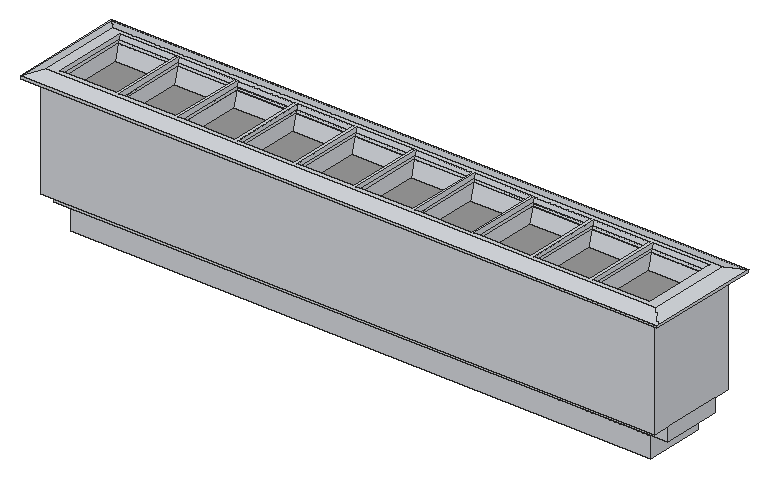
Revit family "2061174 Sylvania Lighting Fixture DOMINO 10xLED 940 BLACK NB TRIM BLACK", category Lighting Fixtures, host Face, Revit 2018
Family settings
  Host = Face
  Round Connector Dimension = Use Diameter
  Part Type = Normal
  OmniClass Number = 23.80.70.00
  OmniClass Title = Lighting
  Cut with Voids When Loaded = No
  Light Source = Yes
  Shared = No
  Room Calculation Point = No
Parameters (values of type "2061174 DOMINO 10XLED 940 BLACK NB TR BLK ")
  top top width = 15.812 mm
  top top length = 255 mm
  Width = 50 mm
  Weight = "n/a"
  Wattage Comments = ""
  Wattage = 9.2903 W
  WarrantyStartDate [instance] = "n/a"
  WarrantyGuarantorParts = "n/a"
  WarrantyDurationUnit = "n/a"
  WarrantyDurationParts = ""
  WarrantyDescription = "http://www.sylvania-lighting.com"
  built-in parameter 1150110 = 1 (stored number, unit not read)
  Voltage = 0 V
  URL = "0.95"
  TypeName = "DOMINO 10xLED 940 BLACK NB TRIM BLACK"
  Type Image = <None>
  Type Comments = "n/a"
  built-in parameter 1114217 = 1 (stored number, unit not read)
  Top Width = 26 mm
  Tilt Angle = 90.00°
  built-in parameter 1150109 = 1 (stored number, unit not read)
  built-in parameter 1150134 = 3
  built-in parameter 1150113 = 1 (stored number, unit not read)
  SerialNumber [instance] = "n/a"
  Recessed Width = 43 mm
  Recessed Length = 276 mm
  Photometric Web File = "2061174.ies"
  Material_3_FEILO = none
  PowerFactor = 0
  PowerConsumption = "Lighting"
  NominalLength = 50 mm
  NominalHeight = 0 mm
  NominalDepth = 0 mm
  Name = "DOMINO 10xLED 940 BLACK NB TRIM BLACK"
  ModelReference = Name  # "DOMINO 10xLED 940 BLACK NB TRIM BLACK"
  ModelNumber = "2061174"
  Model = Name  # "DOMINO 10xLED 940 BLACK NB TRIM BLACK"
  Material = "Feilo Sylvania"
  ManufacturerName = "74 lm/W"
  Manufacturer = ""
  LuminousEfficacy = ""
  built-in parameter 1150105 = 109.82 (stored number, unit not read)
  Lumens = 1380 lm
  LuminaireType = "0"
  built-in parameter 1150115 = 1 (stored number, unit not read)
  LightOutputRatio = "LED"
  built-in parameter 1150137 = (empty or 0)
  built-in parameter 1150139 = (empty or 0)
  Lens inside recess = 25 mm
  Lens Width = 32 mm
  Lens Outside recess = 31.978 mm
  Lens = Glass, White, High Luminance
  Length = 280 mm
  LampsType = Lamp  # "n/a"
  LampNominalLuminous = "4000 K"
  LampMacAdamStep = "90"
  LampColourTemperature = "LED"
  LampColourRenderingIndex = "16500"
  built-in parameter 1150112 = 1 (stored number, unit not read)
  built-in parameter 1150114 = 1 (stored number, unit not read)
  Lamp = "n/a"
  Keynote = "n/a"
  InstallationDate [instance] = "n/a"
  InputVoltage = "0"
  InputNominalFrequency = "4000"
  built-in parameter 1150132 = (empty or 0)
  built-in parameter 1150102 = (empty or 0)
  built-in parameter 1150107 = 3200 (stored number, unit not read)
  built-in parameter 1150138 = (empty or 0)
  IngressProtection = "IfcLightFixtureType"
  ImpactProtectionIndex = "IfcLightFixtureType"
  built-in parameter 1150106 = 1.0982 (stored number, unit not read)
  IfcExportType = "IfcLightFixtureType"
  IfcExportAs = "Class II"
  Facia internal width = 37 mm
  Facia internal length = 268 mm
  Facia Height = 2 mm
  ExpectedLife = 50000
  Emit from Circle Diameter = 609.6 mm
  Emit Shape Visible in Rendering = no
  ElectricShockClassification = "74"
  built-in parameter 1150104 = 13.8 (stored number, unit not read)
  DurationUnit = "hours"
  DocumentationLiterature = "http://www.sylvania-lighting.com/product/en-int/products/2061174"
  DimmingControlOptions = "n/a"
  Material_2_FEILO = none
  Dimming Lamp Color Temperature Shift = <None>
  Description = "Modular LED recessed linear spotlight, ideal for retail and hospitality applications. Die-cast aluminium body, passive cooling. Two levels of reflector installation, low glaring UGR<16. 10x LED source, 15° beam angle , optics: PMMA lens and polycarbonate reflector combination, Black matt reflector finish. Light color temperature: 4000K neutral white, total system power: 23W , total fixture lumen output: 1700lm, efficacy: 74 lm/W, Ra90 typical, LED chromacity: 3 step MacAdam ellipse (SDCM3), lifespan: 96,000 hours at 90% of the original output (L90B10), IR/UV free light source without heat radiation, operating voltage: 220-240V / 50-60Hz, electronic driver, ultra low flicker, non-dimmable , electrical protection: Class II. Degree of Protection: IP40/IP20, suitable for indoor environment only. Ceiling cut-out: 43x43mm, outer dimensions:  280x50mm trim frame RAL 9005 - Jet black color.5 years Warranty."
  Default Elevation = 1219.2 mm
  CreatedOn = "11/02/2021"
  CreatedBy = "@sylvania-lighting.com"
  Cost = 0
  Color Filter = 16777215
  built-in parameter 1114216 [instance] = (empty or 0)
  ClassificationValue = "EF_70_80"
  ClassificationName = "Uniclass2015"
  Material_1_FEILO = none
  Body Width = 40 mm
  Body Length = 270 mm
  BarCode [instance] = "n/a"
  built-in parameter 1114218 = 1 (stored number, unit not read)
  built-in parameter 1150133 = 10 (stored number, unit not read)
  AssetType = "Fixed"
  AssetIdentifier [instance] = "n/a"
  Assembly Code = "D5020200"
  Apparent Load = 23 VA
  Material_4_FEILO = none
Reference planes
  plane 1 "Center (Front/Back)": y = 0
  plane 2: z = 0
  plane 3 "Center (Left/Right)": x = 0
  plane 4: z = 0
  plane 5: z = -7
  plane 6: z = -45.895
  plane 7: z = -51.895
  plane 8: z = -60.895
  plane 9: x = -138
  plane 10: x = 138
  plane 11: y = 21.5
  plane 12: y = -21.5
  plane 13: x = -140
  plane 14: x = 140
  plane 15: y = 25
  plane 16: y = -25
  plane 17: x = 134
  plane 18: x = -134
  plane 19: y = 18.5
  plane 20: y = -18.5
  plane 21: z = 2
  plane 22: x = -135
  plane 23: x = 135
  plane 24: y = 20
  plane 25: y = -20
  plane 26: y = 13
  plane 27: y = -13
  plane 28: x = 127.5
  plane 29: x = -127.5
  plane 30: x = -132
  plane 31: y = 16.5
  plane 32: y = -16.472
  plane 33: y = 13
  plane 34: y = -12.972
  plane 35: x = 129.7
  plane 36: x = 127.224
Forms (mm)
  Extrusion 1, solid, not visible, detail levels medium+fine
    sketch origin (4.2, 0, 0) x (1, 0, 0) y (0, 1, 0)
      loop
        line (-29.2, 34.5) -> (-29.2, -34.5) -> (20.8, -34.5) -> (20.8, 34.5) -> (-29.2, 34.5)
    from 0 to 1
  Extrusion 2, solid, not visible, detail levels medium+fine
    sketch origin (4.044, 0, 0) x (1, 0, 0) y (0, 1, 0)
      loop
        line (-29.2, 34.5) -> (-29.2, -34.5) -> (20.8, -34.5) -> (20.8, 34.5) -> (-29.2, 34.5)
    from 0 to 1
  Blend 3, solid, not visible, detail levels medium+fine
    base sketch origin (4.2, 0, 0) x (1, 0, 0) y (0, 1, 0)
      loop
        line (-29.2, 34.5) -> (-29.2, -34.5) -> (20.8, -34.5) -> (20.8, 34.5) -> (-29.2, 34.5)
    top sketch origin (4.2, 0, 0) x (1, 0, 0) y (0, 1, 0)
      loop
        line (-21.7, 28) -> (-21.7, -28) -> (13.3, -28) -> (13.3, 28) -> (-21.7, 28)
    from 1 to 3
  Extrusion 4, solid, not visible, detail levels medium+fine
    sketch origin (3.419, 0, 0) x (1, 0, 0) y (0, 1, 0)
      loop
        line (-29.2, 34.5) -> (-29.2, -34.5) -> (20.8, -34.5) -> (20.8, 34.5) -> (-29.2, 34.5)
    from 0 to 1
  Blend 5, solid, not visible, detail levels medium+fine
    base sketch origin (3.575, 0, 0) x (1, 0, 0) y (0, 1, 0)
      loop
        line (-29.2, 34.5) -> (-29.2, -34.5) -> (20.8, -34.5) -> (20.8, 34.5) -> (-29.2, 34.5)
    top sketch origin (3.575, 0, 0) x (1, 0, 0) y (0, 1, 0)
      loop
        line (-21.7, 28) -> (-21.7, -28) -> (13.3, -28) -> (13.3, 28) -> (-21.7, 28)
    from 1 to 3
  Extrusion 6, solid, not visible, detail levels medium+fine
    sketch origin (4.247, 0, 0) x (1, 0, 0) y (0, 1, 0)
      loop
        line (-29.2, 34.5) -> (-29.2, -34.5) -> (20.8, -34.5) -> (20.8, 34.5) -> (-29.2, 34.5)
    from 0 to 1
  Blend 7, solid, not visible, detail levels medium+fine
    base sketch origin (4.403, 0, 0) x (1, 0, 0) y (0, 1, 0)
      loop
        line (-29.2, 34.5) -> (-29.2, -34.5) -> (20.8, -34.5) -> (20.8, 34.5) -> (-29.2, 34.5)
    top sketch origin (4.403, 0, 0) x (1, 0, 0) y (0, 1, 0)
      loop
        line (-21.7, 28) -> (-21.7, -28) -> (13.3, -28) -> (13.3, 28) -> (-21.7, 28)
    from 1 to 3
  Extrusion 8, void, detail levels medium+fine
    sketch origin (4.2, 0, 0) x (0, 1, 0) y (1, 0, 0)
      loop
        line (21.5, -142.2) -> (21.5, 133.8) -> (-21.5, 133.8) -> (-21.5, -142.2) -> (21.5, -142.2)
    from -9.934 to 83.097
  Extrusion 9, solid, detail levels medium+fine
    sketch origin (4.2, 0, 0) x (1, 0, 0) y (0, 1, 0)
      loop
        line (-144.2, 25) -> (-144.2, -25) -> (135.8, -25) -> (135.8, 25) -> (-144.2, 25)
    from 0 to 1
  Extrusion 10, solid, detail levels medium+fine
    sketch origin (4.2, 0, 0) x (1, 0, 0) y (0, 1, 0)
      loop
        line (-139.2, 20) -> (-139.2, -20) -> (130.8, -20) -> (130.8, 20) -> (-139.2, 20)
    from 0 to -45.895
  Extrusion 11, solid, detail levels medium+fine
    sketch origin (4.2, 0, 0) x (1, 0, 0) y (0, 1, 0)
      loop
        line (-139.2, 13) -> (-139.2, -13) -> (130.8, -13) -> (130.8, 13) -> (-139.2, 13)
    from -51.895 to -45.895
  Extrusion 12, solid, material "Glass, White, High Luminance" <- "Lens", detail levels fine
    sketch origin (-53.155, 1221.106, 36.156) x (1, 0, 0) y (0, 1, 0)
      loop
        line (-76.18, -1206.856) -> (-76.18, -1232.856) -> (-52.18, -1232.856) -> (-52.18, -1206.856) -> (-76.18, -1206.856)
    from -43.156 to -42.182
  Blend 13, solid, detail levels medium+fine
    base sketch origin (4.2, 0, 0) x (1, 0, 0) y (0, 1, 0)
      loop
        line (-144.2, 25) -> (-144.2, -25) -> (135.8, -25) -> (135.8, 25) -> (-144.2, 25)
    top sketch origin (4.2, 0, 0) x (1, 0, 0) y (0, 1, 0)
      loop
        line (-138.2, 18.5) -> (-138.2, -18.5) -> (129.8, -18.5) -> (129.8, 18.5) -> (-138.2, 18.5)
    from 1 to 3
  Extrusion 14, solid, detail levels fine
    sketch origin (0, 0, 0) x (1, 0, 0) y (0, 0, 1)
      loop
        line (-127.5, -51.895) -> (-127.5, -60.895) -> (127.5, -60.895) -> (127.5, -51.895) -> (-127.5, -51.895)
    from -13 to 13
  Blend 15, void
    base sketch origin (-59.8, 0, 0) x (0, 1, 0) y (-1, 0, 0)
      loop
        line (16.5, 69.7) -> (-16.472, 69.7) -> (-16.472, 44.7) -> (16.5, 44.7) -> (16.5, 69.7)
    top sketch origin (-59.8, 0, 0) x (0, 1, 0) y (-1, 0, 0)
      loop
        line (13, 69.2) -> (-12.972, 69.2) -> (-12.972, 45.2) -> (13, 45.2) -> (13, 69.2)
    from 3 to -7
  Blend 16, void
    base sketch origin (18.282, 0, 0) x (0, 1, 0) y (-1, 0, 0)
      loop
        line (16.5, 69.7) -> (-16.472, 69.7) -> (-16.472, 44.7) -> (16.5, 44.7) -> (16.5, 69.7)
    top sketch origin (18.282, 0, 0) x (0, 1, 0) y (-1, 0, 0)
      loop
        line (13, 69.2) -> (-12.972, 69.2) -> (-12.972, 45.2) -> (13, 45.2) -> (13, 69.2)
    from 3 to -7
  Blend 17, void
    base sketch origin (44.284, -0.017, 0) x (0, 1, 0) y (-1, 0, 0)
      loop
        line (16.5, 69.7) -> (-16.472, 69.7) -> (-16.472, 44.7) -> (16.5, 44.7) -> (16.5, 69.7)
    top sketch origin (44.284, -0.017, 0) x (0, 1, 0) y (-1, 0, 0)
      loop
        line (13, 69.2) -> (-12.972, 69.2) -> (-12.972, 45.2) -> (13, 45.2) -> (13, 69.2)
    from 3 to -7
  Blend 18, void
    base sketch origin (70.327, 0, 0) x (0, 1, 0) y (-1, 0, 0)
      loop
        line (16.5, 69.7) -> (-16.472, 69.7) -> (-16.472, 44.7) -> (16.5, 44.7) -> (16.5, 69.7)
    top sketch origin (70.327, 0, 0) x (0, 1, 0) y (-1, 0, 0)
      loop
        line (13, 69.2) -> (-12.972, 69.2) -> (-12.972, 45.2) -> (13, 45.2) -> (13, 69.2)
    from 3 to -7
  Blend 19, void
    base sketch origin (96.351, 0, 0) x (0, 1, 0) y (-1, 0, 0)
      loop
        line (16.5, 69.7) -> (-16.472, 69.7) -> (-16.472, 44.7) -> (16.5, 44.7) -> (16.5, 69.7)
    top sketch origin (96.351, 0, 0) x (0, 1, 0) y (-1, 0, 0)
      loop
        line (13, 69.2) -> (-12.972, 69.2) -> (-12.972, 45.2) -> (13, 45.2) -> (13, 69.2)
    from 3 to -7
  Extrusion 20, solid, material "Glass, White, High Luminance" <- "Lens", detail levels fine
    sketch origin (-29.269, 1219.946, 36.156) x (1, 0, 0) y (0, 1, 0)
      loop
        line (-73.723, -1206.946) -> (-73.723, -1232.946) -> (-49.723, -1232.946) -> (-49.723, -1206.946) -> (-73.723, -1206.946)
    from -43.156 to -42.182
  Extrusion 21, solid, material "Glass, White, High Luminance" <- "Lens", detail levels fine
    sketch origin (-0.613, 1219.733, 36.156) x (1, 0, 0) y (0, 1, 0)
      loop
        line (-76.347, -1206.7) -> (-76.347, -1232.733) -> (-52.347, -1232.733) -> (-52.347, -1206.7) -> (-76.347, -1206.7)
    from -43.156 to -42.182
  Extrusion 22, solid, material "Glass, White, High Luminance" <- "Lens", detail levels fine
    sketch origin (24.387, 1218.509, 36.156) x (1, 0, 0) y (0, 1, 0)
      loop
        line (-75.305, -1205.509) -> (-75.305, -1231.509) -> (-51.305, -1231.509) -> (-51.305, -1205.509) -> (-75.305, -1205.509)
    from -43.156 to -42.182
  Extrusion 23, solid, material "Glass, White, High Luminance" <- "Lens", detail levels fine
    sketch origin (51.187, 1219.547, 36.156) x (1, 0, 0) y (0, 1, 0)
      loop
        line (-76.102, -1206.547) -> (-76.102, -1232.547) -> (-52.102, -1232.547) -> (-52.102, -1206.547) -> (-76.102, -1206.547)
    from -43.156 to -42.182
  Blend 24, void
    base sketch origin (-33.792, 0, 0) x (0, 1, 0) y (-1, 0, 0)
      loop
        line (16.5, 69.7) -> (-16.472, 69.7) -> (-16.472, 44.7) -> (16.5, 44.7) -> (16.5, 69.7)
    top sketch origin (-33.792, 0, 0) x (0, 1, 0) y (-1, 0, 0)
      loop
        line (13, 69.2) -> (-12.972, 69.2) -> (-12.972, 45.2) -> (13, 45.2) -> (13, 69.2)
    from 3 to -7
  Blend 25, void
    base sketch origin (-7.76, 0, 0) x (0, 1, 0) y (-1, 0, 0)
      loop
        line (16.5, 69.7) -> (-16.472, 69.7) -> (-16.472, 44.7) -> (16.5, 44.7) -> (16.5, 69.7)
    top sketch origin (-7.76, 0, 0) x (0, 1, 0) y (-1, 0, 0)
      loop
        line (13, 69.2) -> (-12.972, 69.2) -> (-12.972, 45.2) -> (13, 45.2) -> (13, 69.2)
    from 3 to -7
  Blend 26, void
    base sketch origin (122.411, 0, 0) x (0, 1, 0) y (-1, 0, 0)
      loop
        line (16.5, 69.7) -> (-16.472, 69.7) -> (-16.472, 44.7) -> (16.5, 44.7) -> (16.5, 69.7)
    top sketch origin (122.411, 0, 0) x (0, 1, 0) y (-1, 0, 0)
      loop
        line (13, 69.2) -> (-12.972, 69.2) -> (-12.972, 45.2) -> (13, 45.2) -> (13, 69.2)
    from 3 to -7
  Extrusion 27, solid, material "Glass, White, High Luminance" <- "Lens", detail levels fine
    sketch origin (77.265, 1219.547, 36.156) x (1, 0, 0) y (0, 1, 0)
      loop
        line (-76.102, -1206.547) -> (-76.102, -1232.547) -> (-52.102, -1232.547) -> (-52.102, -1206.547) -> (-76.102, -1206.547)
    from -43.156 to -42.182
  Extrusion 28, solid, material "Glass, White, High Luminance" <- "Lens", detail levels fine
    sketch origin (100.753, 1219.547, 36.156) x (1, 0, 0) y (0, 1, 0)
      loop
        line (-76.102, -1206.547) -> (-76.102, -1232.547) -> (-52.102, -1232.547) -> (-52.102, -1206.547) -> (-76.102, -1206.547)
    from -43.156 to -42.182
  Extrusion 29, solid, material "Glass, White, High Luminance" <- "Lens", detail levels fine
    sketch origin (129.314, 1219.547, 36.156) x (1, 0, 0) y (0, 1, 0)
      loop
        line (-76.102, -1206.547) -> (-76.102, -1232.547) -> (-52.102, -1232.547) -> (-52.102, -1206.547) -> (-76.102, -1206.547)
    from -43.156 to -42.182
  Blend 30, void
    base sketch origin (148.416, 0, 0) x (0, 1, 0) y (-1, 0, 0)
      loop
        line (16.5, 69.7) -> (-16.472, 69.7) -> (-16.472, 44.7) -> (16.5, 44.7) -> (16.5, 69.7)
    top sketch origin (148.416, 0, 0) x (0, 1, 0) y (-1, 0, 0)
      loop
        line (13, 69.2) -> (-12.972, 69.2) -> (-12.972, 45.2) -> (13, 45.2) -> (13, 69.2)
    from 3 to -7
  Extrusion 31, solid, material "Glass, White, High Luminance" <- "Lens", detail levels fine
    sketch origin (155.278, 1219.547, 36.156) x (1, 0, 0) y (0, 1, 0)
      loop
        line (-76.102, -1206.547) -> (-76.102, -1232.547) -> (-52.102, -1232.547) -> (-52.102, -1206.547) -> (-76.102, -1206.547)
    from -43.156 to -42.182
  Blend 32, void
    base sketch origin (174.42, 0, 0) x (0, 1, 0) y (-1, 0, 0)
      loop
        line (16.5, 69.7) -> (-16.472, 69.7) -> (-16.472, 44.7) -> (16.5, 44.7) -> (16.5, 69.7)
    top sketch origin (174.42, 0, 0) x (0, 1, 0) y (-1, 0, 0)
      loop
        line (13, 69.2) -> (-12.972, 69.2) -> (-12.972, 45.2) -> (13, 45.2) -> (13, 69.2)
    from 3 to -7
  Extrusion 33, solid, material "Glass, White, High Luminance" <- "Lens", detail levels fine
    sketch origin (181.434, 1219.547, 36.156) x (1, 0, 0) y (0, 1, 0)
      loop
        line (-76.214, -1206.547) -> (-76.214, -1232.547) -> (-52.214, -1232.547) -> (-52.214, -1206.547) -> (-76.214, -1206.547)
    from -43.156 to -42.182
  Extrusion 34, solid, detail levels coarse
    sketch origin (4.2, 0, 0) x (1, 0, 0) y (0, 1, 0)
      loop
        line (-144.2, 25) -> (-144.2, -25) -> (135.8, -25) -> (135.8, 25) -> (-144.2, 25)
    from -60.895 to 3
Cuts and joins
  Blend 15, Blend 16, Blend 17, Blend 18, Blend 19, Blend 24, Blend 25, Blend 26, Blend 30, Blend 32 cuts Extrusion 9
  Blend 15, Blend 16, Blend 17, Blend 18, Blend 19, Blend 24, Blend 25, Blend 26, Blend 30, Blend 32 cuts Extrusion 10
  Blend 15, Blend 16, Blend 17, Blend 18, Blend 19, Blend 24, Blend 25, Blend 26, Blend 30, Blend 32 cuts Blend 13
  Blend 32 cuts Extrusion 31
Dimensions and locks
  "Recessed Length": plane 9 to plane 10
  equal spacing: plane 9, plane 3 "Center (Left/Right)", plane 10
  "Length": plane 13 to plane 14
  equal spacing: plane 13, plane 3 "Center (Left/Right)", plane 14
  "Recessed Width": plane 11 to plane 12
  equal spacing: plane 11, plane 1 "Center (Front/Back)", plane 12
  "Width": plane 15 to plane 16
  equal spacing: plane 15, plane 1 "Center (Front/Back)", plane 16
  "Facia internal length": plane 18 to plane 17
  equal spacing: plane 18, plane 3 "Center (Left/Right)", plane 17
  "Facia internal width": plane 19 to plane 20
  equal spacing: plane 19, plane 1 "Center (Front/Back)", plane 20
  "Facia Height": plane 21 to host face
  "Body Length": plane 22 to plane 23
  equal spacing: plane 22, plane 3 "Center (Left/Right)", plane 23
  "Body Width": plane 24 to plane 25
  equal spacing: plane 24, plane 1 "Center (Front/Back)", plane 25
  "Top Width": plane 26 to plane 27
  equal spacing: plane 26, plane 1 "Center (Front/Back)", plane 27
  "top top length": plane 29 to plane 28
  equal spacing: plane 29, plane 3 "Center (Left/Right)", plane 28  (x2)
  plane 28 to plane 29 = 255 mm
  equal spacing: plane 28, plane 3 "Center (Left/Right)", plane 29
  aligned and locked: plane 2 to host face
  aligned and locked: level to host face
  aligned and locked: Extrusion 11 to plane 7
  aligned and locked: Extrusion 10 to plane 6
  aligned and locked: Extrusion 12 to plane 5
Automatic sketch dimensions
  Extrusion 1 sketch curve to Extrusion 1 sketch curve = 50 mm
  Extrusion 1 sketch curve to Extrusion 1 sketch curve = 69 mm
  Extrusion 2 sketch curve to Extrusion 2 sketch curve = 50 mm
  Extrusion 2 sketch curve to Extrusion 2 sketch curve = 69 mm
  Blend 3 sketch curve to Blend 3 sketch curve = 50 mm
  Blend 3 sketch curve to Blend 3 sketch curve = 69 mm
  Blend 3 sketch curve to Blend 3 sketch curve = 35 mm
  Blend 3 sketch curve to Blend 3 sketch curve = 56 mm
  Extrusion 4 sketch curve to Extrusion 4 sketch curve = 50 mm
  Extrusion 4 sketch curve to Extrusion 4 sketch curve = 69 mm
  Blend 5 sketch curve to Blend 5 sketch curve = 50 mm
  Blend 5 sketch curve to Blend 5 sketch curve = 69 mm
  Blend 5 sketch curve to Blend 5 sketch curve = 35 mm
  Blend 5 sketch curve to Blend 5 sketch curve = 56 mm
  Extrusion 6 sketch curve to Extrusion 6 sketch curve = 50 mm
  Extrusion 6 sketch curve to Extrusion 6 sketch curve = 69 mm
  Blend 7 sketch curve to Blend 7 sketch curve = 50 mm
  Blend 7 sketch curve to Blend 7 sketch curve = 69 mm
  Blend 7 sketch curve to Blend 7 sketch curve = 35 mm
  Blend 7 sketch curve to Blend 7 sketch curve = 56 mm
  host sketch curve to host sketch curve = 2438.4 mm  (x2)
  Extrusion 8 sketch curve to plane 9 = 0 mm
  Extrusion 8 sketch curve to plane 12 = 0 mm
  Extrusion 8 sketch curve to plane 11 = 0 mm
  Extrusion 8 sketch curve to plane 10 = 0 mm
  Extrusion 9 sketch curve to plane 13 = 0 mm
  Extrusion 9 sketch curve to plane 14 = 0 mm
  Extrusion 9 sketch curve to plane 16 = 0 mm
  Extrusion 9 sketch curve to plane 15 = 0 mm
  Extrusion 10 sketch curve to plane 22 = 0 mm
  Extrusion 10 sketch curve to plane 23 = 0 mm
  Extrusion 10 sketch curve to plane 25 = 0 mm
  Extrusion 10 sketch curve to plane 24 = 0 mm
  Extrusion 11 sketch curve to plane 22 = 0 mm
  Extrusion 11 sketch curve to plane 23 = 0 mm
  Extrusion 11 sketch curve to plane 27 = 0 mm
  plane 26 to Extrusion 11 sketch curve = 0 mm
  plane 27 to Extrusion 12 sketch curve = 1.25 mm
  plane 26 to Extrusion 12 sketch curve = 1.25 mm
  plane 30 to Extrusion 12 sketch curve = 2.665 mm
  Blend 13 sketch curve to plane 13 = 0 mm
  Blend 13 sketch curve to plane 14 = 0 mm
  Blend 13 sketch curve to plane 16 = 0 mm
  Blend 13 sketch curve to plane 15 = 0 mm
  Blend 13 sketch curve to plane 18 = 0 mm
  Blend 13 sketch curve to plane 17 = 0 mm
  Blend 13 sketch curve to plane 20 = 0 mm
  Blend 13 sketch curve to plane 19 = 0 mm
  Extrusion 14 sketch curve to plane 8 = 0 mm
  Extrusion 14 sketch curve to plane 29 = 0 mm
  Extrusion 14 sketch curve to plane 28 = 0 mm
  Extrusion 14 sketch curve to plane 7 = 0 mm
  plane 30 to Blend 15 sketch curve = 2.5 mm
  Blend 15 sketch curve to plane 32 = 0 mm
  Blend 15 sketch curve to plane 31 = 0 mm
  Blend 15 sketch curve to plane 34 = 0 mm
  Blend 15 sketch curve to plane 26 = 0 mm
  plane 30 to Blend 15 sketch curve = 3 mm
  Blend 16 sketch curve to plane 32 = 0 mm
  Blend 16 sketch curve to plane 31 = 0 mm
  Blend 16 sketch curve to plane 34 = 0 mm
  Blend 16 sketch curve to plane 26 = 0 mm
  Blend 17 sketch curve to plane 32 = 0.017 mm
  Blend 17 sketch curve to plane 31 = 0.017 mm
  plane 27 to Blend 17 sketch curve = 0.011 mm
  Blend 17 sketch curve to plane 26 = 0.017 mm
  plane 32 to Blend 18 sketch curve = 0 mm
  plane 31 to Blend 18 sketch curve = 0 mm
  plane 34 to Blend 18 sketch curve = 0 mm
  plane 26 to Blend 18 sketch curve = 0 mm
  Blend 19 sketch curve to plane 32 = 0 mm
  Blend 19 sketch curve to plane 31 = 0 mm
  Blend 19 sketch curve to plane 34 = 0 mm
  Blend 19 sketch curve to plane 26 = 0 mm
  Extrusion 20 sketch curve to plane 27 = 0 mm
  Extrusion 20 sketch curve to plane 26 = 0 mm
  Extrusion 21 sketch curve to plane 27 = 0 mm
  plane 26 to Extrusion 21 sketch curve = 0.033 mm
  Extrusion 22 sketch curve to plane 27 = 0 mm
  Extrusion 22 sketch curve to plane 26 = 0 mm
  Extrusion 23 sketch curve to plane 27 = 0 mm
  Extrusion 23 sketch curve to plane 26 = 0 mm
  Blend 24 sketch curve to plane 32 = 0 mm
  Blend 24 sketch curve to plane 31 = 0 mm
  Blend 24 sketch curve to plane 34 = 0 mm
  Blend 24 sketch curve to plane 26 = 0 mm
  Blend 25 sketch curve to plane 32 = 0 mm
  Blend 25 sketch curve to plane 31 = 0 mm
  Blend 25 sketch curve to plane 34 = 0 mm
  Blend 25 sketch curve to plane 26 = 0 mm
  Blend 26 sketch curve to plane 32 = 0 mm
  Blend 26 sketch curve to plane 31 = 0 mm
  Blend 26 sketch curve to plane 34 = 0 mm
  Blend 26 sketch curve to plane 26 = 0 mm
  Extrusion 27 sketch curve to plane 27 = 0 mm
  Extrusion 27 sketch curve to plane 26 = 0 mm
  Extrusion 28 sketch curve to plane 27 = 0 mm
  Extrusion 28 sketch curve to plane 26 = 0 mm
  Extrusion 29 sketch curve to plane 27 = 0 mm
  Extrusion 29 sketch curve to plane 26 = 0 mm
  Blend 30 sketch curve to plane 32 = 0 mm
  Blend 30 sketch curve to plane 31 = 0 mm
  Blend 30 sketch curve to plane 34 = 0 mm
  Blend 30 sketch curve to plane 26 = 0 mm
  Extrusion 31 sketch curve to plane 27 = 0 mm
  Extrusion 31 sketch curve to plane 26 = 0 mm
  Blend 32 sketch curve to plane 32 = 0 mm
  Blend 32 sketch curve to plane 31 = 0 mm
  plane 28 to Blend 32 sketch curve = 2.22 mm
  Blend 32 sketch curve to plane 34 = 0 mm
  Blend 32 sketch curve to plane 26 = 0 mm
  plane 28 to Blend 32 sketch curve = 1.72 mm
  plane 27 to Extrusion 33 sketch curve = 0 mm
  plane 26 to Extrusion 33 sketch curve = 0 mm
  plane 28 to Extrusion 33 sketch curve = 1.72 mm
  Extrusion 21 sketch curve to Extrusion 21 sketch curve = 24 mm
  Blend 25 sketch curve to Blend 25 sketch curve = 24 mm
  plane 29 to Extrusion 12 sketch curve = 22.165 mm
  plane 29 to Blend 15 sketch curve = 23 mm
  plane 29 to Blend 15 sketch curve = 22.5 mm
  plane 29 to Extrusion 20 sketch curve = 24.508 mm
  Extrusion 20 sketch curve to Extrusion 20 sketch curve = 24 mm
  plane 29 to Blend 24 sketch curve = 49.008 mm
  plane 29 to Blend 24 sketch curve = 24.008 mm
  plane 29 to Blend 24 sketch curve = 48.508 mm
  Blend 24 sketch curve to Blend 24 sketch curve = 24 mm
  Blend 25 sketch curve to Blend 25 sketch curve = 25 mm
  Blend 16 sketch curve to Blend 16 sketch curve = 25 mm
  Blend 16 sketch curve to Blend 16 sketch curve = 24 mm
  plane 29 to Extrusion 21 sketch curve = 50.54 mm
  Extrusion 22 sketch curve to Extrusion 22 sketch curve = 24 mm
  Blend 16 sketch curve to plane 3 "Center (Left/Right)" = 26.418 mm
  Blend 16 sketch curve to plane 3 "Center (Left/Right)" = 26.918 mm
  Blend 17 sketch curve to plane 3 "Center (Left/Right)" = 0.416 mm
  Blend 17 sketch curve to Blend 17 sketch curve = 25 mm
  Blend 17 sketch curve to plane 3 "Center (Left/Right)" = 0.916 mm
  Blend 17 sketch curve to Blend 17 sketch curve = 24 mm
  plane 3 "Center (Left/Right)" to Blend 18 sketch curve = 0.627 mm
  plane 3 "Center (Left/Right)" to Blend 18 sketch curve = 1.127 mm
  Extrusion 22 sketch curve to plane 3 "Center (Left/Right)" = 50.918 mm
  Extrusion 23 sketch curve to plane 3 "Center (Left/Right)" = 24.916 mm
  Extrusion 23 sketch curve to plane 3 "Center (Left/Right)" = 0.916 mm
  Blend 25 sketch curve to plane 3 "Center (Left/Right)" = 52.46 mm
  Blend 25 sketch curve to plane 3 "Center (Left/Right)" = 52.96 mm
  plane 3 "Center (Left/Right)" to Extrusion 27 sketch curve = 1.162 mm
  Blend 18 sketch curve to Blend 18 sketch curve = 25 mm
  Blend 18 sketch curve to Blend 18 sketch curve = 24 mm
  plane 3 "Center (Left/Right)" to Blend 19 sketch curve = 51.651 mm
  Blend 19 sketch curve to Blend 19 sketch curve = 25 mm
  plane 3 "Center (Left/Right)" to Blend 19 sketch curve = 51.151 mm
  Blend 19 sketch curve to Blend 19 sketch curve = 24 mm
  Blend 26 sketch curve to plane 36 = 49.513 mm
  Blend 26 sketch curve to Blend 26 sketch curve = 25 mm
  Blend 26 sketch curve to plane 36 = 50.013 mm
  Blend 26 sketch curve to Blend 26 sketch curve = 24 mm
  Extrusion 27 sketch curve to Extrusion 27 sketch curve = 24 mm
  plane 3 "Center (Left/Right)" to Extrusion 28 sketch curve = 24.651 mm
  Extrusion 28 sketch curve to Extrusion 28 sketch curve = 24 mm
  plane 3 "Center (Left/Right)" to Extrusion 29 sketch curve = 53.211 mm
  Extrusion 29 sketch curve to Extrusion 29 sketch curve = 24 mm
  Blend 30 sketch curve to plane 36 = 23.508 mm
  Blend 30 sketch curve to Blend 30 sketch curve = 25 mm
  Blend 30 sketch curve to plane 36 = 24.008 mm
  Blend 30 sketch curve to Blend 30 sketch curve = 24 mm
  Extrusion 31 sketch curve to plane 36 = 48.048 mm
  Extrusion 31 sketch curve to Extrusion 31 sketch curve = 24 mm
  Blend 32 sketch curve to plane 36 = 22.504 mm
  Blend 32 sketch curve to plane 36 = 22.004 mm
  Extrusion 33 sketch curve to plane 36 = 22.004 mm
  Extrusion 34 sketch curve to plane 13 = 0 mm
  Extrusion 34 sketch curve to plane 14 = 0 mm
  Extrusion 34 sketch curve to plane 16 = 0 mm
  Extrusion 34 sketch curve to plane 15 = 0 mm
Connectors
  electrical at (0, 0, -60.895)
    settings: on Extrusion 14, index 1, voltage 0 V, apparent load 0 VA, apparent load phase1 0 VA, apparent load phase2 0 VA, apparent load phase3 0 VA, power factor 1, load classification "Other", number of poles 1, system type 31, power factor state 1, is connector primary yes, connector utility no, sub classification motor no, connector description ""
